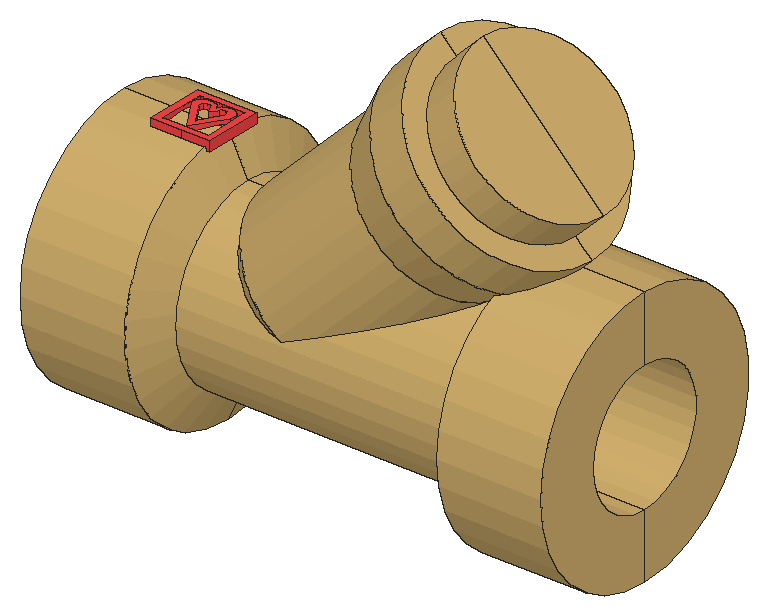
Revit family "Strainers 2662", category Rohrzubehör, Revit 2019
Family settings
  Bemaßung runder Anschluss = Durchmesser verwenden
  Teiletyp = Unterbricht
  OmniClass-Nummer = 23.65.55.14
  OmniClass-Titel = Valves for Liquid Services
  Arbeitsebenenbasiert = Nein
  Immer vertikal = Ja
  Beim Laden mit Abzugskörper schneiden = Nein
  Gemeinsam genutzt = Nein
Parameters
  min. Operating temperature (Water) = 0.5 °C  # constant formula
  min. Operating temperature = -30 °C  # constant formula
  max. Operating temperature (water) = 95 °C  # constant formula
  max. Operating temperature = 130 °C  # constant formula
  max. Operating pressure = 2500000.0 Pa  # constant formula
  Internal thread = "acc. to ISO 228-1"  # constant formula
  W01 = 45.00°  # constant formula
  URL = "www.herzvalves.com"
  SCTWSEQ = "AW;SBT_TYP=\"112\";2"
  SCTWCODE = "04;16;02"  # constant formula
  Part number [instance] = size_lookup("2662_", "Artnr", 0, Nennweite)  # 1266202
  Closing plug = "forged brass acc. to EN 12420, CW617N"  # constant formula
  Sieve = "stainless steel, single, meshed perforation 0,5mm"  # constant formula
  SW01 [instance] = size_lookup("2662_", "SW1", 12.000 mm, Nennweite)  # 13.000 mm
  SCRNSEQ = "AWI;AWI_TYP=\"1011\";2"
  SCRNCODE = "05;15;02"  # constant formula
  S01 [instance] = R01 * 2  # 40.000 mm
  R07 [instance] = size_lookup("2662_", "R7", 13.000 mm, Nennweite)  # 16.500 mm
  R06 [instance] = size_lookup("2662_", "R6", 11.500 mm, Nennweite)  # 14.000 mm
  R05 [instance] = Nennweite / 2  # 10.000 mm
  R03 [instance] = size_lookup("2662_", "R3", 11.500 mm, Nennweite)  # 14.000 mm
  R02 [instance] = Nennweite / 2  # 10.000 mm
  R01 [instance] = (Nennweite / 2) + 10.000 mm  # 20.000 mm
  Nennweite [instance] = 20.000 mm
  Medium = "heating water quality according to ÖNORM H5195 or VDI-Standard 2035.\r\nthe use of ethylene or propylene glycol in a mixing ratio 25- 50% is allowed.\r\nplease refer to manufacturers documentation when using ethylene glycol products for frost and corrosion protection.\r\nHERZ ball valve for heating and chilled water is not suitable for usage of agressive medium (such as: acids, alkalis, combustible and explosive gases) because it can destroy sealing components."
  L16 [instance] = L03 / 2  # 7.750 mm
  L15 [instance] = R01 - 1.000 mm  # 19.000 mm
  L14 [instance] = L06 - L08  # 8.000 mm
  L11 [instance] = size_lookup("2662_", "L11", 4.500 mm, Nennweite)  # 6.000 mm
  L09 [instance] = size_lookup("2662_", "L9", 9.000 mm, Nennweite)  # 7.000 mm
  L08 [instance] = size_lookup("2662_", "L8", 23.500 mm, Nennweite)  # 32.000 mm
  L07 [instance] = size_lookup("2662_", "L7", 11.000 mm, Nennweite)  # 13.000 mm
  L06 [instance] = size_lookup("2662_", "L6", 36.500 mm, Nennweite) - L09  # 40.000 mm
  L03 [instance] = size_lookup("2662_", "L3", 15.000 mm, Nennweite)  # 15.500 mm
  L02 [instance] = size_lookup("2662_", "L2", 14.000 mm, Nennweite)  # 21.000 mm
  L01 [instance] = size_lookup("2662_", "L1", 17.000 mm, Nennweite)  # 16.000 mm
  L00 [instance] = size_lookup("2662_", "L", 68.000 mm, Nennweite)  # 80.000 mm
  Hersteller = "Herz-Armaturen GmbH"  # constant formula
  Body (DN50) = "cast brass acc. to EN 1982; CC770S"  # constant formula
  Body (DN15 until DN40) = "forged brass acc. to EN 12420, CW617N"  # constant formula
  Plug seals = "EPDM"  # constant formula
  Application = "strainers are installed in pipes to protect the finely machined valve seats from particles.\r\nfield of application are building services, such as in heating or chilled water units for air conditioning in buildings.\r\nEPDM sealings can be destroyed by organic hydro carbons, which are occurring in natural gas, mineral oil or lubricants."
Reference planes
  plane 1 "Mitte (Vorne/hinten)": y = 0
  plane 2: z = 0
  plane 3 "Mitte (Links/rechts)": x = 0
Forms (mm)
  Revolve 1, solid, material "Messing", detail levels fine
    sketch origin (470, 0, 0) x (1, 0, 0) y (0, 0, 1)
      loop
        line (-510, 10) -> (-494.5, 10) -> (-494.5, 0) -> (-445.5, 0) -> (-445.5, 10) -> (-430, 10) -> (-430, 20) -> (-446, 20) -> (-449, 14) -> (-491, 14) -> (-494, 20) -> (-510, 20) -> (-510, 10)
      axis (-510, 0) -> (-430, 0)
    angle from 0 to 360
  Revolve 2, solid, material "Messing", detail levels fine
    sketch origin (0.32, 0, -0.105) x (1, 0, 0) y (0, 0, 1)
      loop
        line (-13.32, 0) -> (24.157, 37.477) -> (14.964, 46.669) -> (10.722, 42.426) -> (8.247, 44.901) -> (3.297, 39.952) -> (-0.592, 32.527) -> (-17.563, 15.556) -> (-20.391, 7.071) -> (-13.32, 0)
      axis (-13.32, 0) -> (24.157, 37.477)
    angle from 0 to 360
Lines and regions (mm)
  model lines, detail levels coarse+medium
    curve 1: line (-40, 0, 20) -> (40, 0, 20)
    curve 2: line (-40, 0, -20) -> (-40, 0, 20)
    curve 3: line (40, 0, -20) -> (-40, 0, -20)
    curve 4: line (40, 0, 20) -> (40, 0, -20)
    curve 6: line (-40, 20, 0) -> (40, 20, 0)
    curve 7: line (-40, -20, 0) -> (-40, 20, 0)
    curve 8: line (40, -20, 0) -> (-40, -20, 0)
    curve 9: line (40, 20, 0) -> (40, -20, 0)
    curve 10: line (40, -20, 0) -> (-40, 20, 0)
  symbolic lines, style "PipeAccessory"
    curve 5: line (40, 0, -20) -> (-40, 0, 20)
Dimensions and locks
  "L00": Revolve 1 sketch curve to Revolve 1 sketch curve
  equal spacing: Revolve 1 sketch curve, plane 3 "Mitte (Links/rechts)", Revolve 1 sketch curve
  "R01": Revolve 1 sketch curve to Revolve 1 sketch curve  (x2)
  "R02": Revolve 1 sketch curve to Revolve 1 sketch curve  (x2)
  "L01": Revolve 1 sketch curve to Revolve 1 sketch curve  (x2)
  "L02": plane 3 "Mitte (Links/rechts)" to Revolve 1 sketch curve
  "L02": Revolve 1 sketch curve to plane 3 "Mitte (Links/rechts)"
  "R03": Revolve 1 sketch curve to Revolve 1 sketch curve
  "L03": Revolve 1 sketch curve to Revolve 1 sketch curve  (x2)
  "L11": Revolve 2 sketch curve to Revolve 2 sketch curve
  "L07": plane 3 "Mitte (Links/rechts)" to Revolve 2 sketch curve  (x2)
  "R05": Revolve 2 sketch curve to Revolve 2 sketch curve
  "L06": Revolve 2 sketch curve to Revolve 2 sketch curve
  "L08": Revolve 2 sketch curve to Revolve 2 sketch curve
  "R06": Revolve 2 sketch curve to Revolve 2 sketch curve
  "L14": Revolve 2 sketch curve to Revolve 2 sketch curve
  "L15": nested 1 to plane 2
  "L16": Revolve 1 to nested 1
  equal spacing: curve 7, plane 3 "Mitte (Links/rechts)", curve 9
  "L00": curve 7 to curve 9
  "S01": curve 6 to curve 8
  equal spacing: curve 4, plane 3 "Mitte (Links/rechts)", curve 2
  "L00": curve 4 to curve 2
  equal spacing: curve 1, plane 2, curve 3
  "S01": curve 1 to curve 3
  equal spacing: curve 8, plane 1 "Mitte (Vorne/hinten)", curve 6
  "L09": Revolve 2 sketch curve to Revolve 2 sketch curve
  "R07": Revolve 2 sketch curve to Revolve 2 sketch curve
  "SW01": Revolve 2 sketch curve to Revolve 2 sketch curve
  "W01": angle plane 2 to Revolve 2 sketch curve
  "W01": angle level to Revolve 2 sketch curve
  aligned and locked: level to plane 2
Automatic sketch dimensions
  Revolve 1 sketch curve to level = 0.000 mm  (x2)
  Revolve 1 sketch curve to Revolve 1 sketch curve = 791.990 mm
  Revolve 1 sketch curve to Revolve 1 sketch curve = 2278.983 mm
  Revolve 2 sketch curve to level = 0.105 mm
  Revolve 2 sketch curve to Revolve 2 sketch curve = 0.000 mm
Nested families
  nested 1: "Herz-Logo" at (-27.732, 0, 19), type "Herz-Logo", detail levels fine
Connectors
  piping at (-24.5, 0, 0), diameter 20, driven by "Nennweite"
    settings: on Revolve 1, index 1, connector inside diameter 609.6 mm, connector length 0.000 mm, flow factor 0, pipe flow 0.0 L/s, pressure drop 0.0 Pa, fitting loss kfactor 0, connector angle 0.00°, fixture units 0, engagement length 0.000 mm, angle of deflection 0.00°, flow configuration 0, flow direction 0, fitting loss method 0, system type 7, joint type 0, gender type 0, connector reference index -1, connector utility 0, adjustable connector no, is connector primary yes, connector description ""
  piping at (24.5, 0, 0), diameter 20, driven by "Nennweite"
    settings: on Revolve 1, index 2, connector inside diameter 609.6 mm, connector length 0.000 mm, flow factor 0, pipe flow 0.0 L/s, pressure drop 0.0 Pa, fitting loss kfactor 0, connector angle 0.00°, fixture units 0, engagement length 0.000 mm, angle of deflection 0.00°, flow configuration 0, flow direction 0, fitting loss method 0, system type 7, joint type 0, gender type 0, connector reference index -1, connector utility 0, adjustable connector no, is connector primary no, connector description ""
Definition of nested family "Herz-Logo"
  Reference planes
    plane 1 "Mitte (Vorne/hinten)": y = 0
    plane 2: z = 0
    plane 3 "Mitte (Links/rechts)": x = 0
  Forms (mm)
    Extrusion 1, solid
      sketch origin (0, 0, 0) x (1, 0, 0) y (0, 1, 0)
        loop
          line (-0.018, -4.517) -> (4.482, -4.517) -> (4.482, 4.483) -> (-4.518, 4.483) -> (-4.518, -4.517) -> (-0.018, -4.517)
        loop
          line (-0.05, -3.48) -> (3.482, -3.48) -> (3.482, 3.483) -> (-3.518, 3.483) -> (-3.518, -3.48) -> (-0.05, -3.48)
        loop
          arc (-0.018, 2.383) -> (-1.543, 3.287) -> (-3.067, 2.383) r 1.738
          arc (-3.067, 2.383) -> (-3.191, 1.899) -> (-3.067, 1.415) r 1.009
          line (-3.067, 1.415) -> (-0.018, -3.281) -> (3.032, 1.415)
          arc (3.032, 1.415) -> (3.156, 1.899) -> (3.032, 2.383) r 1.009
          arc (3.032, 2.383) -> (1.507, 3.287) -> (-0.018, 2.383) r 1.738
        loop
          arc (1.885, 1.272) -> (2.005, 1.675) -> (1.885, 2.079) r 0.74
          arc (1.885, 2.079) -> (1.265, 2.416) -> (0.644, 2.079) r 0.74
          line (0.644, 2.079) -> (-0.018, 0.97) -> (-0.679, 2.079)
          arc (-0.679, 2.079) -> (-1.3, 2.416) -> (-1.921, 2.079) r 0.74
          arc (-1.921, 2.079) -> (-2.04, 1.675) -> (-1.921, 1.272) r 0.74
          line (-1.921, 1.272) -> (-0.018, -1.658) -> (1.885, 1.272)
      from 0 to 1.5
  Dimensions and locks
    aligned and locked: level to plane 2
